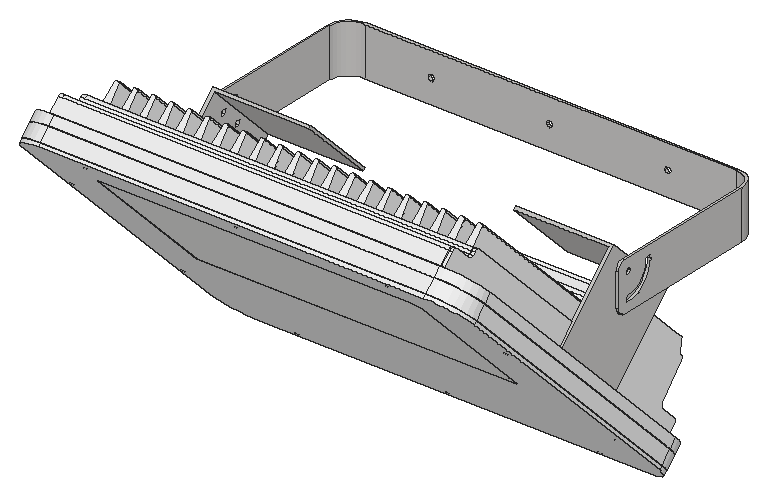
Revit family "FT ATEX LED MAX_2021", category Luminarias, Revit 2021 (continued)
Types (12, lengths in mm): name | Wattage | Power | Position | Archivo de red fotométrica | built-in parameter 1150142 | Modules | Lumens | built-in parameter 1150105 | built-in parameter 1150106 | Equiv MH
  PA404C | 180.42 W | 194 W | 50.00° | "PA404C.ies" | "IESNA:LM-63-2002\r\n[TEST] 2020-10-3/Converted LDT Editor version 1.3.0.0 - DIAL GmbH (www.dial.de) on 05-10-2020\r\n[TESTLAB] ies2eulumdat.appspot.com\r\n[ISSUEDATE] 2020-10-06T06:31:55.714\r\n[MANUFAC] AIRFAL INTERNATIONAL S.L.\r\n[LUMCAT] PA404C\r\n[LUMINAIRE] LED MAX 190W 28500lm\r\n[LAMPCAT] TRIDONIC LED MODULE\r\n[LAMP] TRIDONIC LED MODULE\r\nTILT=NONE\r\n1\t28500\t1\t91\t72\t1\t2\t0.223\t0.100\t0.003\r\n1.0\t1.0\t195.00\r\n0\t 2\t 4\t 6\t 8\t 10\t 12\t 14\t 16\t 18\r\n20\t 22\t 24\t 26\t 28\t 30\t 32\t 34\t 36\t 38\r\n40\t 42\t 44\t 46\t 48\t 50\t 52\t 54\t 56\t 58\r\n60\t 62\t 64\t 66\t 68\t 70\t 72\t 74\t 76\t 78\r\n80\t 82\t 84\t 86\t 88\t 90\t 92\t 94\t 96\t 98\r\n100\t 102\t 104\t 106\t 108\t 110\t 112\t 114\t 116\t 118\r\n120\t 122\t 124\t 126\t 128\t 130\t 132\t 134\t 136\t 138\r\n140\t 142\t 144\t 146\t 148\t 150\t 152\t 154\t 156\t 158\r\n160\t 162\t 164\t 166\t 168\t 170\t 172\t 174\t 176\t 178\r\n180\r\n0\t 5\t 10\t 15\t 20\t 25\t 30\t 35\t 40\t 45\r\n50\t 55\t 60\t 65\t 70\t 75\t 80\t 85\t 90\t 95\r\n100\t 105\t 110\t 115\t 120\t 125\t 130\t 135\t 140\t 145\r\n150\t 155\t 160\t 165\t 170\t 175\t 180\t 185\t 190\t 195\r\n200\t 205\t 210\t 215\t 220\t 225\t 230\t 235\t 240\t 245\r\n250\t 255\t 260\t 265\t 270\t 275\t 280\t 285\t 290\t 295\r\n300\t 305\t 310\t 315\t 320\t 325\t 330\t 335\t 340\t 345\r\n350\t 355\r\n16499.79\t16386.075\t16254.69\t16082.55\t15837.165\t15512.265\t15138.06\t14725.38\t14283.06\t13766.07\r\n13251.645\t12758.31\t12295.185\t11862.555\t11437.335\t11010.12\t10561.245\t10111.8\t9611.625\t9067.275\r\n8477.895\t7792.47\t7086.525\t6362.34\t5586\t4761.21\t3915.615\t3033.54\t2158.02\t1290.48\r\n591.945\t266.475\t203.205\t187.815\t168.435\t139.08\t120.84\t112.86\t105.165\t99.465\r\n93.765\t88.35\t82.65\t78.09\t76.095\t70.11\t0\t0\t0\t0\r\n0\t0\t0\t0\t0\t0\t0\t0\t0\t0\r\n0\t0\t0\t0\t0\t0\t0\t0\t0\t0\r\n0\t0\t0\t0\t0\t0\t0\t0\t0\t0\r\n0\t0\t0\t0\t0\t0\t0\t0\t0\t0\r\n0\r\n16500.36\t16391.205\t16259.25\t16090.53\t15848.85\t15534.78\t15164.565\t14753.88\t14312.985\t13803.975\r\n13281\t12789.66\t12322.26\t11875.95\t11450.16\t11019.525\t10582.335\t10137.735\t9634.14\t9091.785\r\n8474.19\t7796.745\t7087.095\t6358.065\t5596.545\t4761.21\t3927.87\t3063.465\t2190.795\t1320.12\r\n610.47\t273.6\t203.49\t187.53\t166.44\t140.22\t121.125\t112.005\t103.74\t98.04\r\n92.34\t86.925\t82.365\t77.805\t75.81\t71.535\t0\t0\t0\t0\r\n0\t0\t0\t0\t0\t0\t0\t0\t0\t0\r\n0\t0\t0\t0\t0\t0\t0\t0\t0\t0\r\n0\t0\t0\t0\t0\t0\t0\t0\t0\t0\r\n0\t0\t0\t0\t0\t0\t0\t0\t0\t0\r\n0\r\n16499.22\t16390.35\t16263.24\t16096.8\t15857.97\t15549.6\t15176.82\t14766.99\t14327.52\t13815.09\r\n13292.115\t12800.49\t12326.535\t11881.08\t11450.73\t11016.675\t10575.78\t10131.465\t9626.445\t9082.095\r\n8467.92\t7791.615\t7079.115\t6337.545\t5571.465\t4733.85\t3882.27\t3034.68\t2167.425\t1295.325\r\n601.35\t279.3\t208.05\t188.955\t168.435\t154.185\t130.53\t116.85\t107.445\t100.035\r\n94.62\t89.205\t84.36\t80.085\t78.09\t73.245\t0\t0\t0\t0\r\n0\t0\t0\t0\t0\t0\t0\t0\t0\t0\r\n0\t0\t0\t0\t0\t0\t0\t0\t0\t0\r\n0\t0\t0\t0\t0\t0\t0\t0\t0\t0\r\n0\t0\t0\t0\t0\t0\t0\t0\t0\t0\r\n0\r\n16501.785\t16400.325\t16276.635\t16117.605\t15893.31\t15593.49\t15224.985\t14814.015\t14379.39\t13868.385\r\n13341.705\t12838.395\t12362.445\t11913.285\t11483.505\t11042.895\t10600.005\t10144.005\t9655.8\t9114.015\r\n8471.055\t7811.28\t7101.915\t6354.36\t5581.725\t4745.82\t3912.195\t3056.055\t2190.51\t1320.405\r\n630.99\t300.105\t217.17\t191.235\t171.57\t163.02\t141.93\t123.975\t112.29\t105.165\r\n97.755\t91.2\t84.93\t80.085\t78.66\t75.24\t0\t0\t0\t0\r\n0\t0\t0\t0\t0\t0\t0\t0\t0\t0\r\n0\t0\t0\t0\t0\t0\t0\t0\t0\t0\r\n0\t0\t0\t0\t0\t0\t0\t0\t0\t0\r\n0\t0\t0\t0\t0\t0\t0\t0\t0\t0\r\n0\r\n16493.52\t16396.05\t16279.2\t16121.31\t15911.265\t15614.58\t15254.91\t14840.235\t14398.77\t13888.335\r\n13353.39\t12848.94\t12374.7\t11922.405\t11483.79\t11041.47\t10588.89\t10126.05\t9636.135\t9101.475\r\n8479.605\t7800.165\t7087.665\t6336.975\t5561.205\t4719.885\t3887.115\t3029.835\t2156.025\t1295.895\r\n623.295\t310.365\t222.87\t191.805\t172.995\t168.72\t148.77\t130.53\t119.7\t111.435\r\n103.455\t96.9\t90.345\t84.075\t81.795\t76.95\t0\t0\t0\t0\r\n0\t0\t0\t0\t0\t0\t0\t0\t0\t0\r\n0\t0\t0\t0\t0\t0\t0\t0\t0\t0\r\n0\t0\t0\t0\t0\t0\t0\t0\t0\t0\r\n0\t0\t0\t0\t0\t0\t0\t0\t0\t0\r\n0\r\n16500.36\t16407.165\t16293.45\t16145.25\t15948.315\t15664.17\t15313.05\t14899.515\t14453.49\t13947.615\r\n13413.81\t12890.55\t12416.025\t11961.735\t11508.3\t11057.715\t10597.44\t10142.58\t9650.955\t9112.02\r\n8471.91\t7797.885\t7081.965\t6353.79\t5574.03\t4752.375\t3922.455\t3047.22\t2181.39\t1322.115\r\n643.815\t325.755\t230.565\t191.235\t172.14\t165.3\t155.04\t132.81\t120.84\t112.575\r\n104.88\t98.04\t91.485\t84.36\t80.94\t77.805\t0\t0\t0\t0\r\n0\t0\t0\t0\t0\t0\t0\t0\t0\t0\r\n0\t0\t0\t0\t0\t0\t0\t0\t0\t0\r\n0\t0\t0\t0\t0\t0\t0\t0\t0\t0\r\n0\t0\t0\t0\t0\t0\t0\t0\t0\t0\r\n0\r\n16498.935\t16412.58\t16298.865\t16164.06\t15972.255\t15698.94\t15358.08\t14937.99\t14488.83\t13980.96\r\n13438.035\t12914.49\t12430.56\t11971.995\t11508.87\t11050.305\t10594.305\t10138.59\t9641.835\t9090.645\r\n8469.63\t7779.645\t7060.59\t6316.17\t5532.99\t4713.9\t3889.68\t3017.58\t2144.91\t1287.345\r\n633.27\t325.185\t232.275\t190.38\t171.285\t158.745\t153.9\t133.38\t121.98\t114.285\r\n106.305\t99.18\t92.625\t85.5\t82.365\t78.09\t0\t0\t0\t0\r\n0\t0\t0\t0\t0\t0\t0\t0\t0\t0\r\n0\t0\t0\t0\t0\t0\t0\t0\t0\t0\r\n0\t0\t0\t0\t0\t0\t0\t0\t0\t0\r\n0\t0\t0\t0\t0\t0\t0\t0\t0\t0\r\n0\r\n16498.935\t16419.42\t16318.245\t16186.86\t16005.885\t15753.09\t15422.205\t15012.945\t14560.08\t14049.075\r\n13501.305\t12972.915\t12480.435\t12002.205\t11548.485\t11087.355\t10630.5\t10172.22\t9672.615\t9121.995\r\n8467.92\t7768.245\t7050.33\t6320.73\t5550.09\t4718.745\t3902.505\t3039.81\t2176.545\t1309.29\r\n648.09\t336.585\t238.545\t192.945\t171.57\t154.47\t149.91\t133.665\t121.125\t112.86\r\n104.31\t96.9\t89.205\t82.08\t79.515\t76.665\t0\t0\t0\t0\r\n0\t0\t0\t0\t0\t0\t0\t0\t0\t0\r\n0\t0\t0\t0\t0\t0\t0\t0\t0\t0\r\n0\t0\t0\t0\t0\t0\t0\t0\t0\t0\r\n0\t0\t0\t0\t0\t0\t0\t0\t0\t0\r\n0\r\n16500.645\t16426.83\t16328.505\t16200.54\t16032.39\t15791.28\t15466.38\t15060.255\t14600.835\t14099.52\r\n13543.2\t13010.25\t12510.93\t12028.995\t11569.29\t11109.585\t10645.035\t10176.78\t9668.34\t9110.88\r\n8479.605\t7756.56\t7035.51\t6307.05\t5523.015\t4693.95\t3862.605\t3003.9\t2147.19\t1279.935\r\n632.415\t338.58\t242.535\t194.37\t174.135\t157.035\t148.77\t136.8\t122.265\t113.715\r\n104.88\t96.615\t88.92\t82.365\t78.66\t75.525\t0\t0\t0\t0\r\n0\t0\t0\t0\t0\t0\t0\t0\t0\t0\r\n0\t0\t0\t0\t0\t0\t0\t0\t0\t0\r\n0\t0\t0\t0\t0\t0\t0\t0\t0\t0\r\n0\t0\t0\t0\t0\t0\t0\t0\t0\t0\r\n0\r\n16498.935\t16435.095\t16343.325\t16221.345\t16064.025\t15838.02\t15526.23\t15133.5\t14676.93\t14179.89\r\n13617.3\t13077.51\t12570.495\t12080.58\t11612.895\t11154.045\t10679.805\t10201.86\t9689.715\t9145.365\r\n8462.505\t7760.835\t7047.48\t6317.88\t5545.815\t4708.485\t3879.99\t3021.855\t2165.715\t1304.445\r\n647.805\t353.97\t249.945\t199.5\t178.125\t159.315\t146.49\t137.94\t122.265\t110.58\r\n103.455\t95.475\t86.64\t80.37\t76.38\t74.1\t0\t0\t0\t0\r\n0\t0\t0\t0\t0\t0\t0\t0\t0\t0\r\n0\t0\t0\t0\t0\t0\t0\t0\t0\t0\r\n0\t0\t0\t0\t0\t0\t0\t0\t0\t0\r\n0\t0\t0\t0\t0\t0\t0\t0\t0\t0\r\n0\r\n16502.355\t16444.785\t16360.14\t16239.015\t16085.115\t15861.96\t15564.135\t15175.68\t14727.66\t14241.735\r\n13671.735\t13121.115\t12607.83\t12113.355\t11641.11\t11166.015\t10683.51\t10202.145\t9695.985\t9139.665\r\n8479.605\t7748.01\t7030.665\t6297.36\t5529\t4681.125\t3859.755\t2985.09\t2129.805\t1284.21\r\n638.685\t356.25\t254.505\t200.64\t178.98\t160.74\t148.2\t139.08\t124.26\t112.575\r\n105.165\t96.615\t88.635\t82.08\t77.52\t74.1\t0\t0\t0\t0\r\n0\t0\t0\t0\t0\t0\t0\t0\t0\t0\r\n0\t0\t0\t0\t0\t0\t0\t0\t0\t0\r\n0\t0\t0\t0\t0\t0\t0\t0\t0\t0\r\n0\t0\t0\t0\t0\t0\t0\t0\t0\t0\r\n0\r\n16498.935\t16444.785\t16372.965\t16257.54\t16105.92\t15894.735\t15604.605\t15235.815\t14802.33\t14331.225\r\n13773.195\t13204.62\t12671.67\t12166.08\t11686.14\t11203.92\t10720.56\t10236.06\t9723.915\t9169.59\r\n8496.705\t7749.435\t7020.975\t6294.795\t5523.015\t4688.82\t3873.15\t3007.89\t2157.45\t1307.01\r\n650.655\t364.515\t257.925\t202.92\t178.125\t160.455\t148.77\t135.66\t124.545\t112.86\r\n105.45\t97.755\t89.205\t82.365\t77.805\t74.1\t0\t0\t0\t0\r\n0\t0\t0\t0\t0\t0\t0\t0\t0\t0\r\n0\t0\t0\t0\t0\t0\t0\t0\t0\t0\r\n0\t0\t0\t0\t0\t0\t0\t0\t0\t0\r\n0\t0\t0\t0\t0\t0\t0\t0\t0\t0\r\n0\r\n16502.355\t16458.75\t16393.485\t16284.33\t16128.435\t15919.53\t15641.37\t15277.425\t14863.605\t14405.61\r\n13847.865\t13265.895\t12720.69\t12204.27\t11709.795\t11222.73\t10737.945\t10239.48\t9725.34\t9154.485\r\n8496.705\t7751.43\t6975.375\t6227.535\t5456.61\t4647.495\t3828.69\t2971.41\t2120.685\t1279.935\r\n629.565\t353.4\t254.505\t201.21\t176.415\t162.165\t150.195\t135.375\t125.115\t114.57\r\n107.16\t100.32\t93.195\t86.925\t80.94\t75.81\t0\t0\t0\t0\r\n0\t0\t0\t0\t0\t0\t0\t0\t0\t0\r\n0\t0\t0\t0\t0\t0\t0\t0\t0\t0\r\n0\t0\t0\t0\t0\t0\t0\t0\t0\t0\r\n0\t0\t0\t0\t0\t0\t0\t0\t0\t0\r\n0\r\n16498.65\t16464.735\t16414.575\t16311.975\t16157.505\t15949.17\t15682.41\t15342.975\t14943.975\t14498.235\r\n13957.875\t13368.21\t12809.61\t12273.81\t11766.51\t11264.055\t10776.135\t10279.665\t9755.835\t9186.69\r\n8498.415\t7738.035\t6971.385\t6196.185\t5412.435\t4630.68\t3854.625\t2996.49\t2153.175\t1311.855\r\n640.395\t350.265\t250.8\t199.5\t174.705\t165.015\t148.77\t133.095\t122.265\t113.43\r\n105.735\t99.465\t93.48\t87.21\t81.225\t77.805\t0\t0\t0\t0\r\n0\t0\t0\t0\t0\t0\t0\t0\t0\t0\r\n0\t0\t0\t0\t0\t0\t0\t0\t0\t0\r\n0\t0\t0\t0\t0\t0\t0\t0\t0\t0\r\n0\t0\t0\t0\t0\t0\t0\t0\t0\t0\r\n0\r\n16497.225\t16472.715\t16432.53\t16330.785\t16185.72\t15972.54\t15710.055\t15391.71\t15006.39\t14567.205\r\n14037.105\t13447.725\t12866.325\t12313.995\t11800.14\t11284.005\t10795.23\t10287.645\t9753.27\t9171.585\r\n8486.73\t7722.36\t6950.58\t6163.98\t5375.1\t4589.925\t3830.115\t2990.505\t2142.915\t1295.04\r\n628.14\t334.875\t241.68\t197.505\t175.56\t170.715\t148.485\t131.67\t120.555\t112.575\r\n105.165\t99.465\t93.765\t88.35\t82.365\t78.09\t0\t0\t0\t0\r\n0\t0\t0\t0\t0\t0\t0\t0\t0\t0\r\n0\t0\t0\t0\t0\t0\t0\t0\t0\t0\r\n0\t0\t0\t0\t0\t0\t0\t0\t0\t0\r\n0\t0\t0\t0\t0\t0\t0\t0\t0\t0\r\n0\r\n16503.495\t16486.395\t16454.76\t16368.69\t16220.49\t16018.71\t15771.615\t15472.365\t15096.735\t14674.65\r\n14161.365\t13547.19\t12963.51\t12396.36\t11861.13\t11343\t10841.685\t10326.69\t9794.595\t9205.5\r\n8494.71\t7726.35\t6971.1\t6188.205\t5398.47\t4610.73\t3842.94\t3031.83\t2196.78\t1340.925\r\n656.07\t330.315\t238.545\t196.935\t176.415\t174.135\t145.635\t127.395\t116.565\t108.015\r\n100.32\t94.62\t89.49\t84.36\t77.805\t75.24\t0\t0\t0\t0\r\n0\t0\t0\t0\t0\t0\t0\t0\t0\t0\r\n0\t0\t0\t0\t0\t0\t0\t0\t0\t0\r\n0\t0\t0\t0\t0\t0\t0\t0\t0\t0\r\n0\t0\t0\t0\t0\t0\t0\t0\t0\t0\r\n0\r\n16500.645\t16491.525\t16474.425\t16391.205\t16254.405\t16051.77\t15815.79\t15530.505\t15162\t14746.755\r\n14241.45\t13614.165\t13011.39\t12433.41\t11883.075\t11356.395\t10848.24\t10335.24\t9790.605\t9188.685\r\n8492.145\t7735.755\t6965.4\t6157.71\t5378.805\t4596.48\t3809.88\t3021.285\t2193.93\t1345.2\r\n647.805\t314.355\t230.565\t194.94\t176.13\t172.995\t141.645\t122.55\t111.72\t104.31\r\n97.185\t92.625\t87.495\t80.94\t76.665\t72.675\t0\t0\t0\t0\r\n0\t0\t0\t0\t0\t0\t0\t0\t0\t0\r\n0\t0\t0\t0\t0\t0\t0\t0\t0\t0\r\n0\t0\t0\t0\t0\t0\t0\t0\t0\t0\r\n0\t0\t0\t0\t0\t0\t0\t0\t0\t0\r\n0\r\n16503.495\t16503.495\t16495.8\t16431.96\t16300.86\t16106.49\t15880.485\t15620.565\t15274.29\t14865.03\r\n14350.89\t13711.35\t13093.185\t12500.385\t11934.66\t11404.275\t10894.41\t10382.835\t9828.795\t9228.585\r\n8518.08\t7753.995\t6965.685\t6167.4\t5389.635\t4606.17\t3848.355\t3068.31\t2250.36\t1407.9\r\n678.87\t312.93\t227.715\t194.085\t177.27\t166.44\t135.09\t117.99\t107.16\t100.32\r\n93.48\t87.21\t82.935\t77.52\t73.53\t70.395\t0\t0\t0\t0\r\n0\t0\t0\t0\t0\t0\t0\t0\t0\t0\r\n0\t0\t0\t0\t0\t0\t0\t0\t0\t0\r\n0\t0\t0\t0\t0\t0\t0\t0\t0\t0\r\n0\t0\t0\t0\t0\t0\t0\t0\t0\t0\r\n0\r\n16503.495\t16509.765\t16514.61\t16464.735\t16349.025\t16174.32\t15954.87\t15710.34\t15386.295\t14984.16\r\n14474.58\t13830.48\t13194.645\t12589.59\t12007.62\t11476.95\t10965.66\t10439.265\t9886.08\t9297.84\r\n8585.34\t7825.53\t7024.965\t6208.725\t5429.535\t4663.455\t3905.07\t3139.275\t2323.89\t1491.69\r\n723.9\t326.04\t241.11\t210.615\t194.94\t175.56\t150.48\t134.52\t121.41\t114.855\r\n106.305\t100.035\t95.76\t90.345\t85.5\t83.22\t0\t0\t0\t0\r\n0\t0\t0\t0\t0\t0\t0\t0\t0\t0\r\n0\t0\t0\t0\t0\t0\t0\t0\t0\t0\r\n0\t0\t0\t0\t0\t0\t0\t0\t0\t0\r\n0\t0\t0\t0\t0\t0\t0\t0\t0\t0\r\n0\r\n16503.495\t16519.17\t16531.71\t16488.105\t16381.23\t16214.79\t16008.45\t15776.46\t15450.99\t15048.855\r\n14543.265\t13888.62\t13227.99\t12608.685\t12026.43\t11493.765\t10973.355\t10443.255\t9886.935\t9301.26\r\n8612.985\t7841.49\t7028.385\t6189.63\t5425.26\t4658.895\t3893.67\t3135.285\t2311.635\t1486.56\r\n705.945\t312.93\t237.12\t210.9\t196.08\t174.135\t154.47\t137.085\t123.975\t116.85\r\n109.44\t102.315\t97.185\t90.915\t86.64\t83.22\t0\t0\t0\t0\r\n0\t0\t0\t0\t0\t0\t0\t0\t0\t0\r\n0\t0\t0\t0\t0\t0\t0\t0\t0\t0\r\n0\t0\t0\t0\t0\t0\t0\t0\t0\t0\r\n0\t0\t0\t0\t0\t0\t0\t0\t0\t0\r\n0\r\n16505.205\t16527.435\t16547.1\t16511.19\t16417.425\t16258.11\t16062.03\t15844.86\t15534.495\t15129.795\r\n14633.61\t14003.19\t13300.95\t12669.675\t12086.85\t11543.07\t11015.535\t10475.175\t9931.11\t9341.16\r\n8648.325\t7894.215\t7089.945\t6246.345\t5478.84\t4712.475\t3937.56\t3162.645\t2343.27\t1528.455\r\n735.87\t307.23\t234.84\t210.615\t196.935\t180.405\t160.74\t139.08\t126.255\t118.845\r\n110.01\t102.885\t97.755\t91.2\t86.925\t83.22\t0\t0\t0\t0\r\n0\t0\t0\t0\t0\t0\t0\t0\t0\t0\r\n0\t0\t0\t0\t0\t0\t0\t0\t0\t0\r\n0\t0\t0\t0\t0\t0\t0\t0\t0\t0\r\n0\t0\t0\t0\t0\t0\t0\t0\t0\t0\r\n0\r\n16500.36\t16528.29\t16559.64\t16528.575\t16440.51\t16288.89\t16090.53\t15871.08\t15575.535\t15163.14\r\n14673.51\t14049.075\t13328.595\t12689.34\t12096.255\t11549.055\t11022.375\t10477.74\t9932.25\t9329.19\r\n8668.845\t7924.14\t7117.59\t6271.71\t5499.93\t4712.76\t3940.41\t3134.145\t2310.21\t1516.2\r\n706.8\t294.405\t231.135\t209.475\t195.225\t180.405\t160.17\t142.215\t130.815\t122.55\r\n114\t106.59\t100.89\t94.335\t88.92\t83.22\t0\t0\t0\t0\r\n0\t0\t0\t0\t0\t0\t0\t0\t0\t0\r\n0\t0\t0\t0\t0\t0\t0\t0\t0\t0\r\n0\t0\t0\t0\t0\t0\t0\t0\t0\t0\r\n0\t0\t0\t0\t0\t0\t0\t0\t0\t0\r\n0\r\n16502.64\t16539.405\t16578.45\t16553.085\t16473\t16330.785\t16134.42\t15907.845\t15612.585\t15210.165\r\n14730.225\t14133.435\t13404.69\t12759.165\t12149.835\t11594.94\t11066.835\t10524.48\t9966.165\t9373.08\r\n8701.335\t7955.205\t7155.495\t6320.16\t5553.225\t4755.51\t3978.6\t3154.95\t2338.71\t1525.32\r\n712.785\t291.555\t229.14\t208.05\t192.375\t176.415\t156.75\t142.5\t131.955\t122.835\r\n114.57\t108.3\t102.885\t95.76\t90.345\t84.93\t0\t0\t0\t0\r\n0\t0\t0\t0\t0\t0\t0\t0\t0\t0\r\n0\t0\t0\t0\t0\t0\t0\t0\t0\t0\r\n0\t0\t0\t0\t0\t0\t0\t0\t0\t0\r\n0\t0\t0\t0\t0\t0\t0\t0\t0\t0\r\n0\r\n16503.495\t16544.25\t16584.435\t16569.045\t16494.375\t16347.03\t16143.825\t15903.285\t15609.165\t15214.725\r\n14736.78\t14172.48\t13442.31\t12783.39\t12155.535\t11598.93\t11075.67\t10521.63\t9959.04\t9371.085\r\n8711.025\t7959.195\t7131.84\t6315.03\t5541.54\t4742.685\t3942.975\t3133.005\t2307.93\t1448.37\r\n654.36\t285.57\t228\t206.055\t190.665\t175.56\t156.465\t144.21\t133.38\t124.83\r\n117.705\t111.72\t106.59\t100.035\t93.195\t87.21\t0\t0\t0\t0\r\n0\t0\t0\t0\t0\t0\t0\t0\t0\t0\r\n0\t0\t0\t0\t0\t0\t0\t0\t0\t0\r\n0\t0\t0\t0\t0\t0\t0\t0\t0\t0\r\n0\t0\t0\t0\t0\t0\t0\t0\t0\t0\r\n0\r\n16504.065\t16548.81\t16595.55\t16585.86\t16521.45\t16380.66\t16176.03\t15920.955\t15619.425\t15227.835\r\n14766.99\t14240.025\t13520.97\t12847.8\t12203.985\t11627.43\t11094.765\t10556.115\t9990.105\t9404.145\r\n8727.84\t7978.86\t7143.81\t6345.24\t5578.305\t4761.21\t3969.765\t3167.775\t2298.81\t1416.735\r\n648.66\t290.415\t230.28\t205.77\t190.38\t176.13\t158.175\t145.635\t133.95\t125.685\r\n118.56\t112.29\t105.735\t100.32\t93.48\t87.495\t0\t0\t0\t0\r\n0\t0\t0\t0\t0\t0\t0\t0\t0\t0\r\n0\t0\t0\t0\t0\t0\t0\t0\t0\t0\r\n0\t0\t0\t0\t0\t0\t0\t0\t0\t0\r\n0\t0\t0\t0\t0\t0\t0\t0\t0\t0\r\n0\r\n16501.785\t16553.085\t16598.4\t16595.55\t16533.99\t16394.625\t16183.725\t15922.95\t15615.72\t15219.57\r\n14774.685\t14258.55\t13551.18\t12868.035\t12211.68\t11623.725\t11077.95\t10543.575\t9994.095\t9399.015\r\n8737.53\t7983.135\t7140.96\t6336.975\t5570.61\t4751.52\t3956.655\t3145.83\t2237.82\t1314.99\r\n610.755\t291.84\t232.56\t205.77\t190.95\t176.985\t160.74\t147.915\t137.37\t128.82\r\n120.84\t114.57\t107.445\t100.32\t95.19\t89.49\t0\t0\t0\t0\r\n0\t0\t0\t0\t0\t0\t0\t0\t0\t0\r\n0\t0\t0\t0\t0\t0\t0\t0\t0\t0\r\n0\t0\t0\t0\t0\t0\t0\t0\t0\t0\r\n0\t0\t0\t0\t0\t0\t0\t0\t0\t0\r\n0\r\n16497.795\t16555.08\t16601.82\t16604.67\t16545.105\t16406.025\t16205.1\t15949.17\t15646.785\t15251.205\r\n14807.175\t14297.31\t13611.6\t12908.79\t12246.165\t11647.95\t11089.35\t10566.09\t10022.025\t9431.505\r\n8757.195\t8004.51\t7173.165\t6362.91\t5600.25\t4788.855\t4001.685\t3181.17\t2250.36\t1303.59\r\n623.295\t304.095\t238.26\t207.195\t191.805\t176.415\t162.165\t147.915\t137.655\t129.105\r\n121.125\t114.285\t106.02\t98.04\t93.48\t87.21\t0\t0\t0\t0\r\n0\t0\t0\t0\t0\t0\t0\t0\t0\t0\r\n0\t0\t0\t0\t0\t0\t0\t0\t0\t0\r\n0\t0\t0\t0\t0\t0\t0\t0\t0\t0\r\n0\t0\t0\t0\t0\t0\t0\t0\t0\t0\r\n0\r\n16503.21\t16562.49\t16608.945\t16609.23\t16550.52\t16407.165\t16222.2\t15975.96\t15673.575\t15273.72\r\n14816.865\t14294.745\t13616.16\t12905.655\t12242.175\t11646.24\t11077.38\t10545\t10009.485\t9427.8\r\n8762.895\t8007.36\t7162.335\t6373.455\t5599.395\t4789.14\t4001.4\t3152.385\t2216.73\t1284.21\r\n607.905\t311.505\t241.395\t208.905\t192.945\t176.415\t162.735\t150.765\t139.365\t129.675\r\n122.835\t115.995\t107.445\t99.75\t94.62\t88.065\t0\t0\t0\t0\r\n0\t0\t0\t0\t0\t0\t0\t0\t0\t0\r\n0\t0\t0\t0\t0\t0\t0\t0\t0\t0\r\n0\t0\t0\t0\t0\t0\t0\t0\t0\t0\r\n0\t0\t0\t0\t0\t0\t0\t0\t0\t0\r\n0\r\n16496.37\t16559.64\t16602.96\t16609.23\t16548.81\t16419.99\t16250.13\t16019.85\t15719.175\t15335.28\r\n14865.03\t14326.095\t13657.2\t12939.855\t12270.105\t11656.215\t11089.92\t10549.845\t10019.175\t9448.605\r\n8771.73\t8007.93\t7179.15\t6408.51\t5633.025\t4822.77\t4041.87\t3184.875\t2280\t1364.865\r\n645.525\t329.46\t249.945\t213.465\t194.94\t177.555\t161.595\t151.905\t139.65\t130.53\r\n123.405\t116.28\t108.015\t100.32\t94.335\t91.485\t0\t0\t0\t0\r\n0\t0\t0\t0\t0\t0\t0\t0\t0\t0\r\n0\t0\t0\t0\t0\t0\t0\t0\t0\t0\r\n0\t0\t0\t0\t0\t0\t0\t0\t0\t0\r\n0\t0\t0\t0\t0\t0\t0\t0\t0\t0\r\n0\r\n16506.345\t16568.76\t16609.23\t16612.65\t16550.52\t16427.4\t16267.23\t16047.495\t15760.5\t15372.615\r\n14878.425\t14326.095\t13660.05\t12926.175\t12262.125\t11647.095\t11077.38\t10544.145\t10009.485\t9432.36\r\n8765.175\t8000.52\t7183.71\t6392.835\t5621.91\t4797.975\t4019.355\t3180.6\t2300.52\t1395.645\r\n658.065\t345.135\t257.925\t218.595\t198.36\t179.835\t165.3\t154.755\t141.93\t132.525\r\n125.4\t118.275\t110.58\t103.17\t97.755\t93.48\t0\t0\t0\t0\r\n0\t0\t0\t0\t0\t0\t0\t0\t0\t0\r\n0\t0\t0\t0\t0\t0\t0\t0\t0\t0\r\n0\t0\t0\t0\t0\t0\t0\t0\t0\t0\r\n0\t0\t0\t0\t0\t0\t0\t0\t0\t0\r\n0\r\n16499.22\t16564.485\t16600.11\t16604.67\t16549.38\t16437.945\t16276.065\t16073.715\t15798.69\t15408.81\r\n14912.055\t14353.17\t13699.95\t12954.96\t12288.63\t11677.305\t11103.03\t10570.08\t10028.295\t9456.3\r\n8768.025\t80
